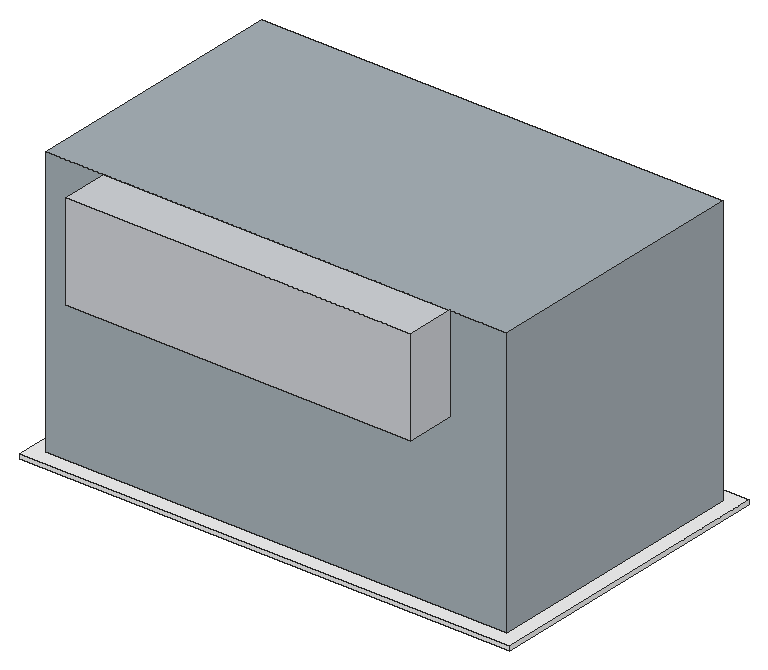
Revit family "QCF500", category Mechanical Equipment, Revit 2016
Family settings
  Part Type = Normal
  Round Connector Dimension = Use Diameter
  OmniClass Number = 23.75.70.21.24.11
  OmniClass Title = Constant Volume Air Terminal Units
  Work Plane-Based = Yes
  Always vertical = Yes
  Cut with Voids When Loaded = No
  Shared = No
  Room Calculation Point = No
Parameters (values of type "QCF500")
  CFM@0.10" S.P. [instance] = 535 CFM
  Frequency [instance] = 60 Hz
  Watt [instance] = 504 W
  Volts_AC [instance] = 120 VA
  Default Elevation = 6' - 0"
  CFM = "SP 0/CFM 594 - SP 0.10/CFM 535 - SP 0.30/CFM 292"
  C. DEPTH [instance] = 0' - 2 1/2"
  A [instance] = 2' - 0"
  E [instance] = 0' - 5"
  URL = "http://www.reversomatic.com/product/qcf-500/"
  RPM [instance] = 29.733 m³
  D [instance] = 1' - 6"
  Model = "QCF500"
  Manufacturer = "REVERSOMATIC"
  C [instance] = 1' - 2"
  B [instance] = 1' - 2"
  Description = "CEILING OR IN-LINE TWIN BLOWER FANS"
  F [instance] = 1' - 3 1/2"
  G [instance] = 2' - 1 1/2"
  Amps [instance] = 4.2 A
Reference planes (in)
  plane 1 "Center (Front/Back)": y = 0
  plane 2: z = 0
  plane 3 "Center (Left/Right)": x = 0
  plane 4: z = 14
  plane 5: y = 7
  plane 6: y = -7
  plane 7: x = 12
  plane 8: x = -12
  plane 9: y = 7.75
  plane 10: x = 12.75
  plane 11: y = -7.75
  plane 12: x = -12.75
  plane 13: x = -9
  plane 14: x = 9
  plane 15: z = 5
Forms (in)
  Extrusion 1, solid, material "Default New Material"
    sketch origin (0, 0, 0) x (1, 0, 0) y (0, 1, 0)
      loop
        line (-12, 7) -> (-12, -7) -> (12, -7) -> (12, 7) -> (-12, 7)
    from 0 to 14
  Extrusion 2, solid, material "Default"
    sketch origin (0, 0, 0) x (0, 1, 0) y (1, 0, 0)
      loop
        line (-7.75, 12.75) -> (-7.75, -12.75) -> (7.75, -12.75) -> (7.75, 12.75) -> (-7.75, 12.75)
    from 0 to 0.24475
  Extrusion 3, solid
    sketch origin (12, -7, 8.99799) x (-1, 0, 0) y (0, 0, -1)
      loop
        line (21, 0) -> (3, 0) -> (3, -5) -> (21, -5) -> (21, 0)
    from 0 to 2.5
Lines and regions (in)
  model lines, not visible
    curve 1: line (-9.88226, 2.47827, 0.12972) -> (-9.88226, -5.27173, 0.12972)
    curve 2: line (-9.39339, 1.7977, 0.08881) -> (-9.39339, -4.7023, 0.08881)
    curve 3: line (-8.82749, 1.22023, 0.04145) -> (-8.82749, -4.02977, 0.04145)
    curve 4: line (-8.31817, 0.7005, -0.00117) -> (-8.31817, -3.5495, -0.00117)
Dimensions and locks (in)
  "C": plane 4 to level
  equal spacing: plane 8, plane 3 "Center (Left/Right)", plane 7
  "A": plane 8 to plane 7
  equal spacing: plane 5, plane 1 "Center (Front/Back)", plane 6
  "B": plane 5 to plane 6
  equal spacing: plane 12, plane 3 "Center (Left/Right)", plane 10
  "G": plane 12 to plane 10
  equal spacing: plane 9, plane 1 "Center (Front/Back)", plane 11
  "F": plane 9 to plane 11
  equal spacing: plane 13, plane 3 "Center (Left/Right)", plane 14
  "D": plane 13 to plane 14
  "E": plane 15 to level
  connector elem to plane 13 = 0' - 9"
  "C. DEPTH": plane 6 to Extrusion 3
  aligned and locked: plane 2 to level
  aligned and locked: plane 4 to Extrusion 1
  aligned and locked: Extrusion 1 to plane 7
  aligned and locked: Extrusion 1 to plane 5
  aligned and locked: plane 8 to Extrusion 1
  aligned and locked: Extrusion 1 to plane 6
  aligned and locked: Extrusion 2 to plane 9
  aligned and locked: plane 10 to Extrusion 2
  aligned and locked: Extrusion 2 to plane 11
  aligned and locked: plane 12 to Extrusion 2
  aligned and locked: Extrusion 3 to plane 13
  aligned and locked: plane 14 to Extrusion 3
Automatic sketch dimensions
  Extrusion 1 sketch curve to plane 3 "Center (Left/Right)" = 1' - 0"
  plane 3 "Center (Left/Right)" to Extrusion 1 sketch curve = 1' - 0"
  plane 1 "Center (Front/Back)" to Extrusion 1 sketch curve = 0' - 7"
  Extrusion 1 sketch curve to plane 1 "Center (Front/Back)" = 0' - 7"
  plane 1 "Center (Front/Back)" to Extrusion 2 sketch curve = 0' - 7 3/4"
  Extrusion 2 sketch curve to plane 1 "Center (Front/Back)" = 0' - 7 3/4"
  plane 3 "Center (Left/Right)" to Extrusion 2 sketch curve = 1' - 0 3/4"
  Extrusion 2 sketch curve to plane 3 "Center (Left/Right)" = 1' - 0 3/4"
  Extrusion 3 sketch curve to Extrusion 1 = 0' - 3"
  Extrusion 1 to Extrusion 3 sketch curve = 0' - 3"
  Extrusion 1 to Extrusion 3 sketch curve = 1' - 1.99799"
  Extrusion 1 to Extrusion 3 sketch curve = 0' - 5.00201"
Connectors (in)
  hvac at (0, -9.5, 11.49799), driven by "E", driven by "D"
    settings: on Extrusion 3, index 1, duct flow 0 CFM, flow factor 0, pres drop 0.00 in-wg, loss coef 0, conn angle 0.00°, conn width 18", conn height 5", conn diameter 24", duct sys type 1, conn prof type 1, flow config 0, flow direction 0, loss method 0, conn ref index -1, conn util no, is conn primary yes, conn desc ""
